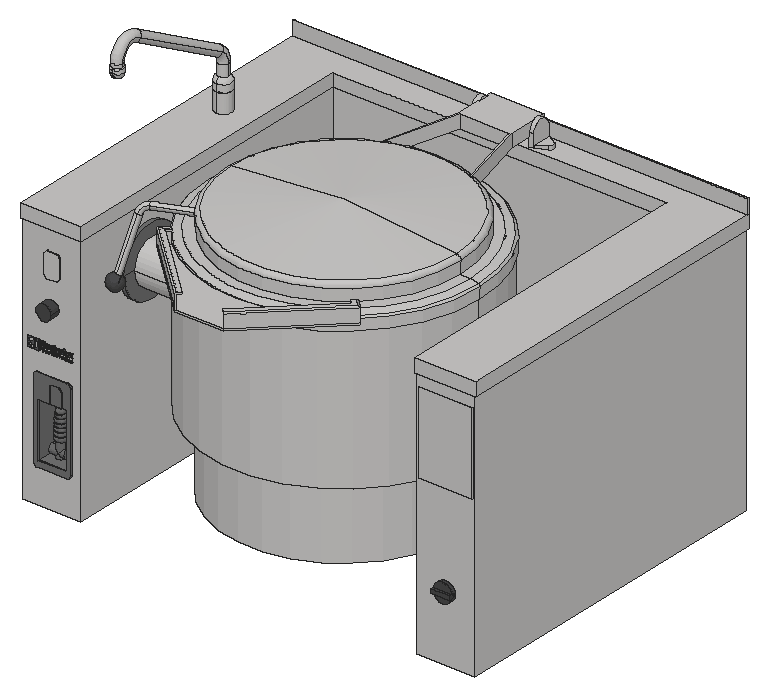
Revit family "QF_ELECTROLUXPROFESSIONAL_586941_PBOT10RLES", category Specialty Equipment, Revit 2018
Family settings
  Round Connector Dimension = Use Radius
  Part Type = Normal
  Work Plane-Based = No
  Always vertical = Yes
  Cut with Voids When Loaded = No
  Shared = Yes
  Room Calculation Point = No
Parameters (values of type "Standard")
  Weight = 210.00 kg
  Watts = 0 W
  Volts = 400 V
  URL Manufacturer = "http://professional.electrolux.com"
  URL = "http://professional.electrolux.com"
  Tilt Clearance [instance] = 1124 mm
  Steam Supply Size = 0"
  Steam Supply Minimum Pressure = 0.00 psi
  Steam Supply Maximum Pressure = 0.00 psi
  Steam Pounds per Hour = 0
  Show Logo [instance] = yes
  Refrigeration Suction Line Size = 0"
  Refrigeration Liquid Line Size = 0"
  Refrigerant Compressor Remote = yes
  Plinth Base Finish [instance] = QF_Finishes_Concrete
  Plinth Base [instance] = not(Base Height = 500 mm)  # yes
  Phase = 3
  Length Actual = 1200 mm  # constant formula
  Item Number = "586941"
  Hot Water Size = 1/2"
  Height Actual = 700 mm  # constant formula
  HP = "24.9 HP"
  Gas Size = 0"
  Gas KW = 0
  Gas Input Pressure = 0.0 Btu/h
  Direct Waste Size = 0"
  Depth Actual = 900 mm  # constant formula
  Cycle = 50 Hz
  Condensate Return Size = 0"
  Compressed Air Volume = 0 GPM
  Compressed Air Size = 0"
  Compressed Air Pressure = 0.00 psi
  Cold Water Size = 1/2"
  Assembly Code = ""
  Open Clearance [instance] = 856 mm
  Model = "PBOT10RLES"
  Manufacturer = "Electrolux Professional"
  Description = "EL. BOILING PAN,PREARR.FOR STIRRER,TILT,AUTO H/C WATER FILL INLET,SPRAY GUN,100L,H700,BS,FS,D900,REAR CLS KIT,GUID.COOK."
  Bracket [instance] = Base Height = 500 mm  # no
  Body Finish [instance] = QF_Finishes_Stainless Steel
  Base Height = 200 mm
  Show Clearance [instance] = yes
  Accessory = yes
Reference planes
  plane 1 "BACK": y = 100
  plane 2: z = 0
  plane 3 "LEFT": x = 0
  plane 4 "RIGHT": x = 1200
  plane 5 "FRONT": y = -800
  plane 6 "TOP": z = 900
  plane 7: z = 200
  plane 8 "Center": x = 600
  plane 9: z = 1756
  plane 10: y = -960
  plane 11 "Vessel X axis": y = -483
  plane 12: x = 280
  plane 13: y = -580
  plane 14: x = 280
  plane 15: through (0, 114.006, 947.95) normal (0, 0.281, -0.9597)
  plane 16: z = 505
  plane 17 "Top Level": z = 981
  plane 18: y = -1024
Forms (mm)
  Extrusion 1, solid, material "QF_Finishes_Stainless Steel" <- "Body Finish"
    sketch origin (0, 0, 900) x (-1, 0, 0) y (0, -1, 0)
      loop
        line (0, -100) -> (0, 800) -> (-160, 800) -> (-160, -31.55) -> (-1040, -31.55) -> (-1040, 800) -> (-1200, 800) -> (-1200, -100) -> (0, -100)
    from -35 to 0
  Extrusion 2, solid, material "QF_Finishes_Stainless Steel" <- "Body Finish"
    sketch origin (0, 0, 900) x (-1, 0, 0) y (0, -1, 0)
      loop
        line (-535, 960) -> (-665, 960) -> (-868.236, 765.434) -> (-847.007, 744.205)
        arc (-847.007, 744.205) -> (-600, 842.5) -> (-352.993, 744.205) r 359.5
        line (-352.993, 744.205) -> (-331.764, 765.434) -> (-535, 960)
    from 1.223 to 5.898
  Revolve 3, solid, material "QF_Finishes_Stainless Steel" <- "Body Finish"
    sketch origin (0, 50.89, 727.5) x (-1, 0, 0) y (0, -1, 0)
      loop
        line (-170, 573.89) -> (-170, 540.89) -> (-157, 540.89) -> (-157, 630.89) -> (-1043, 630.89) -> (-1043, 540.89) -> (-1030, 540.89) -> (-1030, 573.89) -> (-170, 573.89)
      axis (-1043, 630.89) -> (-157, 630.89)
    angle from 0 to 360
  Extrusion 4, solid, material "QF_Finishes_Stainless Steel" <- "Body Finish"
    sketch origin (0, 100, 0) x (1, 0, 0) y (0, 0, 1)
      loop
        circle (1120, 450) r 10
    from 3 to 0
  Extrusion 5, solid, material "QF_Finishes_Stainless Steel" <- "Body Finish"
    sketch origin (600, 0, 0) x (0, 1, 0) y (0, 0, 1)
      loop
        line (89, 900) -> (89, 935.1)
        arc (89, 935.1) -> (65, 959.1) -> (41, 935.1) r 24
        line (41, 935.1) -> (41, 900) -> (89, 900)
    from 69.2 to 82.1
  Revolve 6, solid, material "QF_Finishes_Stainless Steel" <- "Body Finish"
    sketch origin (0, -483, 0) x (-1, 0, 0) y (0, 0, 1)
      loop
        line (-600, 981) -> (-600, 912.336) -> (-291.999, 912.336) -> (-291.999, 943.013)
        arc (-291.999, 943.013) -> (-295.325, 951.663) -> (-303.589, 955.857) r 12.912
        arc (-303.589, 955.857) -> (-451.457, 972.404) -> (-600, 981) r 2774.321
      axis (-600, 981) -> (-600, 912.336)
    angle from 0 to 360
  Sweep 7, solid, material "QF_Finishes_Stainless Steel" <- "Body Finish"
    path in 3D
      loop
        line (665, -960, 905.898) -> (868.236, -765.434, 905.898) -> (847.007, -744.205, 905.898)
    profile origin (766.618, -862.717, 905.898) x (-0.691532, 0.722346, 0) y (0, 0, 1)
      loop
        line (0, 0) -> (2.5, 0) -> (2.5, 35.781)
        arc (2.5, 35.781) -> (3.003, 36.997) -> (4.219, 37.5) r 1.719
        line (4.219, 37.5) -> (15.312, 37.5) -> (15.312, 40) -> (4.052, 40)
        arc (4.052, 40) -> (1.187, 38.813) -> (0, 35.948) r 4.052
        line (0, 35.948) -> (0, 0)
  Extrusion 8, solid, material "QF_Finishes_Stainless Steel" <- "Body Finish"
    sketch origin (0, 100, 0) x (1, 0, 0) y (0, 0, 1)
      loop
        line (157, 865) -> (157, 500) -> (1043, 500) -> (1043, 865) -> (157, 865)
    from 3 to 65.418
  Extrusion 9, solid, material "QF_Finishes_Stainless Steel" <- "Body Finish"
    sketch origin (600, 0, 0) x (0, 1, 0) y (0, 0, 1)
      loop
        line (89, 900) -> (89, 935.1)
        arc (89, 935.1) -> (65, 959.1) -> (41, 935.1) r 24
        line (41, 935.1) -> (41, 900) -> (89, 900)
    from -82.1 to -69.2
  Extrusion 10, solid, material "QF_Finishes_Stainless Steel" <- "Body Finish"
    sketch origin (600, -4572, 981) x (0, -1, 0) y (-1, 0, 0)
      loop
        line (-4551, 64.871) -> (-4315.558, 127.227) -> (-4309.255, 132.754) -> (-4555.565, 69.2) -> (-4661, 69.2) -> (-4661, -69.2) -> (-4555.565, -69.2) -> (-4309.255, -132.754) -> (-4315.558, -127.227) -> (-4551, -64.871) -> (-4551, 64.871)
    from 25.143 to 59.002
  Sweep 11, solid, material "QF_Finishes_Stainless Steel" <- "Body Finish"
    path in 3D
      loop
        line (352.993, -744.205, 905.898) -> (331.764, -765.434, 905.898) -> (535, -960, 905.898)
    profile origin (433.382, -862.717, 905.898) x (0.691532, 0.722346, 0) y (0, 0, 1)
      loop
        line (0, 0) -> (2.5, 0) -> (2.5, 35.781)
        arc (2.5, 35.781) -> (3.003, 36.997) -> (4.219, 37.5) r 1.719
        line (4.219, 37.5) -> (15.313, 37.5) -> (15.313, 40) -> (4.052, 40)
        arc (4.052, 40) -> (1.187, 38.813) -> (0, 35.948) r 4.052
        line (0, 35.948) -> (0, 0)
  Extrusion 12, solid, material "QF_Finishes_Stainless Steel" <- "Body Finish"
    sketch origin (0, 0, 900) x (-1, 0, 0) y (0, -1, 0)
      loop
        arc (-708.472, -55.346) -> (-714.2, -65) -> (-708.472, -74.654) r 11
        line (-708.472, -74.654) -> (-682.1, -89.055) -> (-682.1, -40.945) -> (-708.472, -55.346)
      loop
        line (-491.528, -55.346) -> (-517.9, -40.945) -> (-517.9, -89.055) -> (-491.528, -74.654)
        arc (-491.528, -74.654) -> (-485.8, -65) -> (-491.528, -55.346) r 11
    from 0 to 8
  Revolve 13, solid, material "QF_Finishes_Stainless Steel" <- "Body Finish"
    sketch origin (0, -483, 0) x (-1, 0, 0) y (0, 0, 1)
      loop
        line (-600, 910.898) -> (-600, 280.154)
        arc (-600, 280.154) -> (-445.668, 285.184) -> (-291.5, 293.903) r 6458.267
        line (-291.5, 293.903) -> (-291.5, 495) -> (-245.5, 495) -> (-245.5, 870.866) -> (-240.5, 870.866) -> (-240.5, 899.23) -> (-244.882, 905.093) -> (-265.728, 910.898) -> (-600, 910.898)
      axis (-600, 910.898) -> (-600, 280.154)
    angle from 0 to 360
  Extrusion 14, solid, material "QF_Finishes_Stainless Steel" <- "Body Finish"
    sketch origin (1100, -797, 0) x (-1, 0, 0) y (0, 0, -1)
      loop
        line (50, -833.989) -> (50, -618.989) -> (-91.535, -618.989) -> (-91.535, -833.989) -> (50, -833.989)
      loop
        line (1029.661, -812.084) -> (1036.975, -804.77) -> (1036.975, -754.399) -> (1029.661, -747.084) -> (1004.29, -747.084) -> (996.975, -754.399) -> (996.975, -804.77) -> (1004.29, -812.084) -> (1029.661, -812.084)
    from 0 to 3
  Extrusion 15, solid, material "QF_Finishes_Black"
    sketch origin (1200, -797, -30) x (-1, 0, 0) y (0, 0, -1)
      loop
        circle (80.286, -405.28) r 25
    from 0 to 10.306
  Extrusion 16, solid, material "QF_Finishes_Black"
    sketch origin (1200, -797, -30) x (-1, 0, 0) y (0, 0, -1)
      loop
        arc (104.667, -410.806) -> (105.286, -405.28) -> (104.667, -399.753) r 25
        line (104.667, -399.753) -> (55.904, -399.753)
        arc (55.904, -399.753) -> (55.286, -405.28) -> (55.904, -410.806) r 25
        line (55.904, -410.806) -> (104.667, -410.806)
    from 0 to 18.276
  Extrusion 17, solid, material "QF_Finishes_Black"
    sketch origin (160, -797, 0) x (-1, 0, 0) y (0, 0, -1)
      loop
        circle (80.781, -678.5) r 20
    from 0 to 25
  Extrusion 18, solid, material "QF_Finishes_Stainless Steel" <- "Body Finish", visible <- "Bracket"
    sketch origin (0, 37, -14) x (0, 1, 0) y (0, 0, 1)
      loop
        line (60, 514) -> (-140, 514) -> (-140, 450) -> (-76.36, 386.36) -> (60, 386.36) -> (60, 514)
    from 25.741 to 134.773
  Extrusion 19, solid, material "QF_Finishes_Stainless Steel" <- "Body Finish", visible <- "Bracket"
    sketch origin (1200, 0, 0) x (0, 1, 0) y (0, 0, 1)
      loop
        line (97, 372.36) -> (97, 500) -> (-103, 500) -> (-103, 436) -> (-39.36, 372.36) -> (97, 372.36)
    from -133.886 to -23.363
  Extrusion 20, solid, material "QF_Finishes_Stainless Steel" <- "Body Finish"
    sketch origin (0, 100, 0) x (1, 0, 0) y (0, 0, 1)
      loop
        circle (50, 395) r 6.35
      loop
        circle (110.571, 395) r 6.35
    from 3 to 0
  Revolve 21, solid, material "QF_Finishes_Clearance", visible <- "Show Clearance", detail levels coarse
    sketch origin (600, 10.879, 0.726) x (0, 0.999996, 0.002845) y (0, -0.002845, 0.999996)
      loop
        line (-92.205, 1448.437) -> (-181.256, 1755.797) -> (-205.268, 1748.84) -> (-116.218, 1441.48) -> (-92.205, 1448.437)
      axis (-92.205, 1448.437) -> (-116.218, 1441.48)
    angle from 0 to 360
  Extrusion 22, solid, material "QF_Finishes_Stainless Steel" <- "Body Finish"
    sketch origin (0, 0, 0) x (1, 0, 0) y (0, 1, 0)
      loop
        line (157, 97) -> (3, 97) -> (3, -797) -> (157, -797) -> (157, 97)
      loop
        line (1197, 97) -> (1043, 97) -> (1043, -797) -> (1197, -797) -> (1197, 97)
    from 200 to 865
  Extrusion 23, solid, material "Navy Blue", visible <- "Show Logo"
    sketch origin (160, -797, 0) x (-1, 0, 0) y (0, 0, -1)
      loop
        line (101.332, -593.18) -> (109.793, -593.18) -> (109.793, -583.327)
        arc (109.793, -583.327) -> (108.679, -580.639) -> (105.991, -579.525) r 3.802
        line (105.991, -579.525) -> (101.168, -579.525) -> (101.168, -581.736) -> (105.441, -581.736)
        arc (105.441, -581.736) -> (106.845, -582.21) -> (107.442, -583.566) r 1.838
        line (107.442, -583.566) -> (107.442, -585.52) -> (101.698, -585.52) -> (101.698, -587.738) -> (107.442, -587.738) -> (107.442, -590.968) -> (101.332, -590.968) -> (101.332, -593.18)
      loop
        line (99.498, -593.18) -> (99.498, -579.525) -> (97.146, -579.525) -> (97.146, -593.18) -> (99.498, -593.18)
      loop
        line (48.417, -593.18) -> (48.417, -579.525) -> (46.064, -579.525) -> (46.064, -593.18) -> (48.417, -593.18)
      loop
        line (93.257, -583.886) -> (85.539, -583.886)
        arc (85.539, -583.886) -> (86.746, -588.126) -> (90.874, -589.672) r 4.89
        arc (90.874, -589.672) -> (94.51, -587.828) -> (95.548, -583.886) r 4.976
        arc (95.548, -583.886) -> (94.182, -580.589) -> (90.886, -579.224) r 4.662
        arc (90.886, -579.224) -> (88.32, -579.602) -> (86.169, -581.05) r 5.86
        line (86.169, -581.05) -> (87.562, -582.444)
        arc (87.562, -582.444) -> (89.391, -581.347) -> (91.516, -581.531) r 3.458
        arc (91.516, -581.531) -> (92.812, -582.394) -> (93.257, -583.886) r 2.29
      loop
        line (93.198, -585.539) -> (87.902, -585.539)
        arc (87.902, -585.539) -> (88.645, -587.103) -> (90.278, -587.679) r 2.256
        arc (90.278, -587.679) -> (92.162, -587.188) -> (93.198, -585.539) r 2.64
      loop
        line (76.371, -586.524) -> (74.894, -588)
        arc (74.894, -588) -> (76.746, -589.341) -> (78.997, -589.742) r 5.117
        arc (78.997, -589.742) -> (82.429, -588.487) -> (84.231, -585.308) r 5.293
        arc (84.231, -585.308) -> (81.194, -579.733) -> (74.977, -581.018) r 5.33
        line (74.977, -581.018) -> (76.446, -582.487)
        arc (76.446, -582.487) -> (79.616, -581.438) -> (81.887, -583.886) r 3.088
        arc (81.887, -583.886) -> (81.729, -585.821) -> (80.396, -587.234) r 2.933
        arc (80.396, -587.234) -> (78.264, -587.559) -> (76.371, -586.524) r 3.369
      loop
        line (73.45, -593.18) -> (73.45, -583.849)
        arc (73.45, -583.849) -> (73.246, -582.449) -> (72.722, -581.135) r 6.031
        arc (72.722, -581.135) -> (71.044, -579.8) -> (68.918, -579.519) r 4.018
        line (68.918, -579.519) -> (68.918, -581.723)
        arc (68.918, -581.723) -> (69.55, -581.771) -> (70.139, -582.005) r 2.118
        arc (70.139, -582.005) -> (70.895, -582.804) -> (71.098, -583.886) r 1.949
        line (71.098, -583.886) -> (71.098, -587.265) -> (68.962, -587.265) -> (68.962, -589.401) -> (71.098, -589.401) -> (71.098, -593.18) -> (73.45, -593.18)
      loop
        arc (64.65, -584.717) -> (64.482, -585.701) -> (63.997, -586.574) r 2.967
        arc (63.997, -586.574) -> (62.588, -587.297) -> (61.004, -587.265) r 3.231
        line (61.004, -587.265) -> (61.004, -589.525)
        arc (61.004, -589.525) -> (63.073, -589.33) -> (64.65, -587.977) r 3.432
        line (64.65, -587.977) -> (64.65, -589.401) -> (66.983, -589.401) -> (66.983, -579.525) -> (64.65, -579.525) -> (64.65, -584.717)
      loop
        circle (55.254, -584.461) r 5.233
      loop
        circle (55.254, -584.461) r 3.172
      loop
        arc (37.582, -583.638) -> (38.162, -582.041) -> (39.738, -581.405) r 2.088
        arc (39.738, -581.405) -> (41.313, -582.041) -> (41.894, -583.638) r 2.088
        line (41.894, -583.638) -> (41.894, -589.401) -> (44.266, -589.401) -> (44.266, -583.442)
        arc (44.266, -583.442) -> (42.916, -580.365) -> (39.738, -579.275) r 4.181
        arc (39.738, -579.275) -> (36.524, -580.398) -> (35.211, -583.539) r 4.181
        line (35.211, -583.539) -> (35.211, -589.401) -> (37.582, -589.401) -> (37.582, -583.638)
      loop
        line (33.789, -589.401) -> (30.374, -584.764) -> (34.126, -579.522) -> (31.598, -579.522) -> (29.107, -583.001) -> (26.58, -579.522) -> (24.068, -579.522) -> (27.767, -584.817) -> (24.385, -589.401) -> (26.952, -589.401) -> (29.115, -586.469) -> (31.245, -589.401) -> (33.789, -589.401)
      loop
        line (108.47, -573.865) -> (110.346, -573.865) -> (110.346, -569.143) -> (109.319, -569.143) -> (109.319, -570.769) -> (108.185, -570.769)
        arc (108.185, -570.769) -> (106.916, -572.447) -> (108.47, -573.865) r 1.561
      loop
        arc (108.23, -571.697) -> (107.841, -572.304) -> (108.23, -572.911) r 0.668
        line (108.23, -572.911) -> (109.319, -572.911) -> (109.319, -571.697) -> (108.23, -571.697)
      loop
        line (101.061, -573.865) -> (102.968, -573.865) -> (102.968, -569.143) -> (101.942, -569.143) -> (101.942, -570.769) -> (100.949, -570.769) -> (100.27, -569.143) -> (99.168, -569.143) -> (100.097, -571.134)
        arc (100.097, -571.134) -> (99.652, -571.665) -> (99.502, -572.343) r 1.458
        arc (99.502, -572.343) -> (99.971, -573.421) -> (101.061, -573.865) r 1.559
      loop
        line (101.942, -572.911) -> (101.942, -571.697) -> (100.852, -571.697)
        arc (100.852, -571.697) -> (100.464, -572.304) -> (100.852, -572.911) r 0.668
        line (100.852, -572.911) -> (101.942, -572.911)
      loop
        circle (93.139, -571.504) r 2.453
      loop
        circle (93.139, -571.504) r 1.557
      loop
        line (86.655, -573.865) -> (86.655, -569.143) -> (85.654, -569.143) -> (85.654, -570.793) -> (83.876, -570.793) -> (83.876, -571.851) -> (85.654, -571.851) -> (85.654, -572.847) -> (83.706, -572.847) -> (83.706, -573.865) -> (86.655, -573.865)
      loop
        line (79.724, -573.865) -> (79.724, -570.677)
        arc (79.724, -570.677) -> (79.288, -569.596) -> (78.213, -569.146) r 1.51
        line (78.213, -569.146) -> (76.689, -569.146) -> (76.689, -570.038) -> (78.122, -570.038)
        arc (78.122, -570.038) -> (78.65, -570.475) -> (78.753, -571.151) r 0.961
        line (78.753, -571.151) -> (76.866, -571.151) -> (76.866, -572.043) -> (78.753, -572.043) -> (78.753, -572.973) -> (76.735, -572.973) -> (76.735, -573.865) -> (79.724, -573.865)
      loop
        arc (62.624, -573.267) -> (63.249, -573.78) -> (64.041, -573.943) r 1.69
        arc (64.041, -573.943) -> (64.773, -573.764) -> (65.374, -573.31) r 1.872
        arc (65.374, -573.31) -> (65.486, -572.238) -> (64.794, -571.411) r 1.385
        arc (64.794, -571.411) -> (64.212, -571.217) -> (63.66, -570.95) r 4.78
        arc (63.66, -570.95) -> (63.312, -570.539) -> (63.552, -570.057) r 0.489
        arc (63.552, -570.057) -> (63.998, -569.952) -> (64.442, -570.065) r 0.963
        arc (64.442, -570.065) -> (64.826, -570.341) -> (65.061, -570.752) r 1.118
        line (65.061, -570.752) -> (65.887, -570.367)
        arc (65.887, -570.367) -> (65.589, -569.793) -> (65.11, -569.36) r 1.815
        arc (65.11, -569.36) -> (64.566, -569.127) -> (63.978, -569.068) r 1.957
        arc (63.978, -569.068) -> (63.25, -569.213) -> (62.595, -569.561) r 2.556
        arc (62.595, -569.561) -> (62.305, -570.331) -> (62.455, -571.139) r 1.535
        arc (62.455, -571.139) -> (62.778, -571.512) -> (63.19, -571.781) r 1.779
        arc (63.19, -571.781) -> (63.712, -572.014) -> (64.248, -572.215) r 9.371
        arc (64.248, -572.215) -> (64.557, -572.696) -> (64.11, -573.053) r 0.427
        arc (64.11, -573.053) -> (63.575, -572.924) -> (63.163, -572.558) r 1.135
        line (63.163, -572.558) -> (62.624, -573.267)
      loop
        line (58.291, -573.865) -> (58.291, -569.146) -> (57.321, -569.146) -> (57.321, -573.865) -> (58.291, -573.865)
      loop
        circle (50.779, -571.506) r 1.468
      loop
        circle (50.779, -571.506) r 2.451
      loop
        line (44.27, -569.146) -> (43.289, -569.146) -> (43.289, -572.113) -> (41.131, -569.146) -> (40.187, -569.146) -> (40.187, -573.865) -> (41.168, -573.865) -> (41.168, -570.808) -> (43.326, -573.865) -> (44.27, -573.865) -> (44.27, -569.146)
      loop
        line (35.295, -569.146) -> (34.836, -570.164) -> (33.09, -570.164) -> (32.631, -569.146) -> (31.588, -569.146) -> (33.581, -573.865) -> (34.491, -573.865) -> (36.337, -569.146) -> (35.295, -569.146)
      loop
        line (33.526, -571.132) -> (33.993, -572.169) -> (34.447, -571.132) -> (33.526, -571.132)
      loop
        line (26.769, -570.038) -> (26.769, -573.865) -> (27.739, -573.865) -> (27.739, -569.146) -> (24.954, -569.146) -> (24.954, -570.038) -> (26.769, -570.038)
      loop
        arc (69.698, -573.267) -> (70.324, -573.78) -> (71.116, -573.943) r 1.69
        arc (71.116, -573.943) -> (71.847, -573.764) -> (72.449, -573.31) r 1.872
        arc (72.449, -573.31) -> (72.56, -572.238) -> (71.868, -571.411) r 1.385
        arc (71.868, -571.411) -> (71.287, -571.217) -> (70.735, -570.95) r 4.78
        arc (70.735, -570.95) -> (70.386, -570.539) -> (70.627, -570.057) r 0.489
        arc (70.627, -570.057) -> (71.073, -569.952) -> (71.517, -570.065) r 0.963
        arc (71.517, -570.065) -> (71.901, -570.341) -> (72.136, -570.752) r 1.118
        line (72.136, -570.752) -> (72.961, -570.367)
        arc (72.961, -570.367) -> (72.664, -569.793) -> (72.184, -569.36) r 1.815
        arc (72.184, -569.36) -> (71.64, -569.127) -> (71.052, -569.068) r 1.957
        arc (71.052, -569.068) -> (70.325, -569.213) -> (69.669, -569.561) r 2.556
        arc (69.669, -569.561) -> (69.38, -570.331) -> (69.529, -571.139) r 1.535
        arc (69.529, -571.139) -> (69.852, -571.512) -> (70.265, -571.781) r 1.779
        arc (70.265, -571.781) -> (70.787, -572.014) -> (71.322, -572.215) r 9.371
        arc (71.322, -572.215) -> (71.632, -572.696) -> (71.185, -573.053) r 0.427
        arc (71.185, -573.053) -> (70.649, -572.924) -> (70.238, -572.558) r 1.135
        line (70.238, -572.558) -> (69.698, -573.267)
      loop
        line (124.467, -593.367) -> (124.467, -568.534)
        arc (124.467, -568.534) -> (115.287, -580.95) -> (124.467, -593.367) r 12.987
      loop
        arc (125.423, -593.446) -> (135.891, -591.227) -> (141.022, -581.837) r 12.809
        line (141.022, -581.837) -> (135.422, -581.837)
        arc (135.422, -581.837) -> (128.84, -585.012) -> (125.423, -591.472) r 11.707
        line (125.423, -591.472) -> (125.423, -593.446)
      loop
        arc (125.73, -570.332) -> (129.585, -577.251) -> (136.925, -580.23) r 11.93
        line (136.925, -580.23) -> (141.033, -580.23)
        arc (141.033, -580.23) -> (136.066, -570.804) -> (125.73, -568.215) r 13.06
        line (125.73, -568.215) -> (125.73, -570.332)
      loop
        line (141.976, -594.722) -> (141.976, -567.122) -> (114.339, -567.122) -> (114.339, -594.722) -> (141.976, -594.722)
    from 0 to 0.697
  Extrusion 24, void
    sketch origin (0, -800, 0) x (1, 0, 0) y (0, 0, 1)
      loop
        line (125.4, 500.944) -> (43.4, 500.944) -> (43.4, 305.944) -> (125.4, 305.944) -> (125.4, 500.944)
    from 0 to -63
  Extrusion 25, solid, material "QF_Finishes_Stainless Steel"
    sketch origin (600, 0, 0) x (0, 1, 0) y (0, 0, 1)
      loop
        line (98, 937.998) -> (98, 900) -> (100, 900) -> (100, 937.998) -> (98, 937.998)
    from 600 to -600
Cuts and joins
  joined: Revolve 6, Extrusion 10
  Extrusion 24 cuts Extrusion 22
Lines and regions (mm)
  Split face 1
    outline origin (1100, -800, 0) x (-1, 0, 0) y (0, 0, -1)
      loop
        line (44.321, -826.533) -> (44.321, -691.533) -> (-84.715, -691.533) -> (-84.715, -826.533) -> (44.321, -826.533)
  Split face 2
    outline origin (1100, -800, 0) x (-1, 0, 0) y (0, 0, -1)
      loop
        line (44.321, -691.533) -> (44.321, -625.535) -> (-84.715, -625.535) -> (-84.715, -691.533) -> (44.321, -691.533)
  Split face 3
    outline origin (1100, -800, 0) x (-1, 0, 0) y (0, 0, -1)
      loop
        line (35.153, -818.972) -> (35.153, -698.972) -> (-73.882, -698.972) -> (-73.882, -818.972) -> (35.153, -818.972)
  Split face 4
    outline origin (1100, -800, 0) x (-1, 0, 0) y (0, 0, -1)
      loop
        line (1029.036, -812.084) -> (1036.35, -804.77) -> (1036.35, -754.399) -> (1029.036, -747.084) -> (1029.036, -812.084)
  Split face 5
    outline origin (-933.951, -800, 0) x (1, 0, 0) y (0, 0, 1)
      loop
        line (1029.036, 812.084) -> (1029.036, 747.084) -> (1036.35, 754.399) -> (1036.35, 804.77) -> (1029.036, 812.084)
  sketch lines
    curve 1: line (665, -960, 905.898) -> (868.236, -765.434, 905.898)
    curve 2: line (868.236, -765.434, 905.898) -> (847.007, -744.205, 905.898)
    curve 3: line (331.764, -765.434, 905.898) -> (535, -960, 905.898)
    curve 4: line (352.993, -744.205, 905.898) -> (331.764, -765.434, 905.898)
  symbolic lines
    curve 5: line (170, -490, 0) -> (160, -490, 0)
    curve 6: line (170, -490, 0) -> (170, -670, 0)
    curve 7: line (170, -670, 0) -> (160, -670, 0)
    curve 8: line (1030, -490, 0) -> (1040, -490, 0)
    curve 9: line (1030, -490, 0) -> (1030, -670, 0)
    curve 10: line (1030, -670, 0) -> (1040, -670, 0)
    curve 11: line (1030, -523.539, 0) -> (957.207, -523.539, 0)
    curve 12: line (1030, -636.461, 0) -> (925.1, -636.461, 0)
    curve 13: line (170, -523.539, 0) -> (242.793, -523.539, 0)
    curve 14: line (170, -636.461, 0) -> (274.9, -636.461, 0)
    curve 15: line (160, -800, 0) -> (160, 31.55, 0)
    curve 16: line (0, -800, 0) -> (160, -800, 0)
    curve 17: line (0, 100, 0) -> (0, -800, 0)
    curve 18: line (160, 31.55, 0) -> (530.8, 31.55, 0)
    curve 19: line (1200, 100, 0) -> (0, 100, 0)
    curve 20: line (1040, 31.55, 0) -> (1040, -800, 0)
    curve 21: line (1200, -800, 0) -> (1200, 100, 0)
    curve 22: line (1040, -800, 0) -> (1200, -800, 0)
    curve 23: circle (600, -483, 0) r 359.5 normal (0, 0, 1)
    curve 24: line (669.2, 31.55, 0) -> (1040, 31.55, 0)
    curve 25: line (545.589, -948.939, 0) -> (353.658, -765.195, 0)
    curve 26: line (353.658, -765.195, 0) -> (364.355, -754.499, 0)
    curve 27: line (535, -960, 0) -> (545.589, -948.939, 0)
    curve 28: line (665, -960, 0) -> (654.411, -948.939, 0)
    curve 29: line (846.342, -765.195, 0) -> (654.411, -948.939, 0)
    curve 30: line (835.645, -754.499, 0) -> (846.342, -765.195, 0)
    curve 39: line (1200, 98, 0) -> (0, 98, 0)
  model lines, style "QF-Clearances", visible <- "Show Clearance", detail levels coarse
    curve 31: arc (600, -960, 954.089) -> (600, -1008.605, 614.371) -> (600, -800, 341.874) r 443
  symbolic lines, style "QF-Clearances", visible <- "Show Clearance", detail levels coarse
    curve 32: line (350, -450, 0) -> (850, -450, 0)
    curve 33: line (350, -1650, 0) -> (350, -450, 0)
    curve 34: line (850, -1650, 0) -> (350, -1650, 0)
    curve 35: line (850, -450, 0) -> (850, -1650, 0)
    curve 36: line (650, -1650, 0) -> (850, -1050, 0)
    curve 37: line (550, -1650, 0) -> (350, -1050, 0)
    curve 38: circle (600, -1600, 0) r 25 normal (0, 0, 1)
Dimensions and locks
  plane 3 "LEFT" to plane 4 "RIGHT" = 1200 mm
  plane 4 "RIGHT" to plane 3 "LEFT" = 1200 mm
  plane 1 "BACK" to plane 5 "FRONT" = 900 mm
  plane 5 "FRONT" to plane 1 "BACK" = 900 mm
  "Base Height": plane 7 to level
  equal spacing: plane 3 "LEFT", plane 8 "Center", plane 4 "RIGHT"
  "Open Clearance": plane 9 to plane 6 "TOP"
  locked: Extrusion 8 sketch curve to Extrusion 8 sketch curve at 365
  plane 4 "RIGHT" to Extrusion 4 sketch curve = 80 mm
  plane 6 "TOP" to Extrusion 4 sketch curve = 450 mm
  locked: Extrusion 2 sketch curve to Extrusion 2 sketch curve at 30.022  (x2)
  equal spacing: Extrusion 10 sketch curve, plane 8 "Center", Extrusion 10 sketch curve
  locked: Extrusion 10 sketch curve to Extrusion 10 sketch curve at 138.4
  Extrusion 10 sketch curve to Extrusion 10 sketch curve to plane 1 "BACK" = 110 mm locked, 11 mm locked
  plane 11 "Vessel X axis" to Revolve 3 sketch curve = 97 mm
  Revolve 3 sketch curve to Revolve 3 sketch curve to Revolve 3 sketch curve to Revolve 3 sketch curve = 33 mm locked, 57 mm locked, 0 mm locked
  plane 11 "Vessel X axis" to plane 13 = 97 mm
  equal spacing: curve 5, plane 13, curve 7
  locked: curve 5 to curve 7 at 180
  equal spacing: curve 11, plane 13, curve 12
  locked: curve 11 to curve 12 at 112.922
  plane 14 to plane 8 "Center" = 320 mm
  Revolve 13 sketch curve to Revolve 13 sketch curve to Revolve 13 sketch curve to Revolve 13 sketch curve to plane 14 = 4.382 mm locked, 0.618 mm locked, 20.228 mm locked, 14.272 mm locked
  plane 12 to plane 8 "Center" = 320 mm
  Revolve 6 sketch curve to Revolve 6 sketch curve to plane 12 = 11.59 mm locked, 11.999 mm locked
  Extrusion 16 sketch curve to Extrusion 16 sketch curve = 11.053 mm
  Extrusion 18 sketch curve to Extrusion 18 sketch curve to Extrusion 18 sketch curve = 64 mm locked, 63.64 mm locked
  Extrusion 19 sketch curve to Extrusion 19 sketch curve to Extrusion 19 sketch curve = 64 mm locked, 63.64 mm locked
  plane 6 "TOP" to Extrusion 14 sketch curve to Extrusion 14 sketch curve = 66.011 mm locked, 215 mm locked
  plane 6 "TOP" to Extrusion 14 sketch curve to Extrusion 14 sketch curve to Extrusion 14 sketch curve to Extrusion 14 sketch curve = 87.916 mm locked, 7.315 mm locked, 50.371 mm, 7.315 mm locked
  plane 6 "TOP" to level = 900 mm
  locked: level to Extrusion 18 sketch curve at 372.36
  locked: Extrusion 19 sketch curve to level at 372.36
  locked: Extrusion 15 sketch curve to level at 375.28
  locked: Extrusion 16 sketch curve to level at 369.753
  locked: Extrusion 20 sketch curve to level at 395
  Extrusion 10 sketch curve to Extrusion 10 sketch curve to plane 11 "Vessel X axis" = 6.303 mm, 220.255 mm
  Extrusion 10 sketch curve to Extrusion 10 sketch curve to plane 11 "Vessel X axis" = 6.303 mm locked, 220.255 mm locked
  Revolve 21 sketch curve to Revolve 21 sketch curve = 320 mm
  locked: Extrusion 1 to Revolve 21 sketch curve at 23.726
  plane 11 "Vessel X axis" to plane 1 "BACK" = 583 mm
  plane 10 to plane 1 "BACK" = 1060 mm
  plane 16 to Revolve 13 sketch curve to Revolve 13 sketch curve to Revolve 13 sketch curve = 10 mm locked, 201.097 mm locked, 13.748 mm locked
  plane 17 "Top Level" to Revolve 6 sketch curve to Revolve 6 sketch curve to Revolve 6 sketch curve = 25.143 mm locked, 12.844 mm locked, 30.677 mm locked
  plane 17 "Top Level" to Revolve 13 sketch curve to Revolve 13 sketch curve to Revolve 13 sketch curve to Revolve 13 sketch curve = 70.102 mm locked, 5.805 mm locked, 5.863 mm locked, 28.364 mm locked
  plane 6 "TOP" to plane 16 = 395 mm
  plane 17 "Top Level" to nested 1 = 45.299 mm
  plane 17 "Top Level" to Extrusion 2 to Extrusion 2 = 75.102 mm locked, 4.675 mm locked
  plane 17 "Top Level" to plane 6 "TOP" = 81 mm
  locked: Extrusion 5 sketch curve to plane 17 "Top Level" at 45.9
  locked: Extrusion 9 sketch curve to plane 17 "Top Level" at 45.9
  plane 11 "Vessel X axis" to nested 1 = 320 mm
  "Tilt Clearance": plane 18 to plane 1 "BACK"
  locked: curve 31 to plane 17 "Top Level" at 26.911
  locked: curve 32 to plane 1 "BACK" at 550
  locked: plane 1 "BACK" to curve 34 at 1750
  equal spacing: curve 33, plane 8 "Center", curve 35
  locked: curve 33 to curve 35 at 500
  angle plane 9 to Revolve 21 sketch curve = 16.3208°
  aligned and locked: level to plane 2
  aligned and locked: Extrusion 8 to Extrusion 1
  aligned and locked: plane 10 to Extrusion 2 sketch curve
  aligned and locked: plane 8 "Center" to Revolve 6 sketch curve  (x2)
  aligned and locked: Revolve 3 sketch curve to Revolve 3 sketch curve
  aligned and locked: Revolve 3 to Revolve 3  (x2)
  aligned and locked: curve 15 to Extrusion 1
  aligned and locked: curve 6 to Revolve 3
  aligned and locked: curve 20 to Extrusion 1
  aligned and locked: curve 9 to Revolve 3
  aligned and locked: curve 12 to curve 14
  aligned and locked: curve 11 to curve 13
  aligned and locked: curve 5 to curve 8
  aligned and locked: curve 7 to curve 10
  aligned and locked: curve 23 to Revolve 13
  aligned and locked: Extrusion 2 sketch curve to Revolve 13
  aligned and locked: curve 25 to Sweep 11
  aligned and locked: curve 26 to Sweep 11
  aligned and locked: curve 27 to Sweep 11
  aligned and locked: curve 28 to Sweep 7
  aligned and locked: curve 29 to Sweep 7
  aligned and locked: curve 30 to Sweep 7
  aligned and locked: plane 17 "Top Level" to Revolve 6 sketch curve
  aligned and locked: plane 5 "FRONT" to curve 31
  aligned and locked: plane 10 to curve 31
Automatic sketch dimensions
  curve 31 to plane 13 = 0 mm
  curve 31 to plane 6 "TOP" = 173.615 mm
  plane 8 "Center" to Extrusion 2 sketch curve = 65 mm
  Extrusion 2 sketch curve to plane 5 "FRONT" = 55.795 mm  (x2)
  Extrusion 2 sketch curve to plane 5 "FRONT" = 34.566 mm  (x2)
  Extrusion 2 sketch curve to plane 8 "Center" = 65 mm
  Extrusion 5 sketch curve to plane 6 "TOP" = 0 mm
  plane 1 "BACK" to Extrusion 5 sketch curve = 59 mm
  Extrusion 5 sketch curve to Extrusion 5 sketch curve = 24 mm
  Extrusion 9 sketch curve to plane 6 "TOP" = 0 mm
  plane 1 "BACK" to Extrusion 9 sketch curve = 59 mm
  Extrusion 9 sketch curve to Extrusion 9 sketch curve = 24 mm
  Extrusion 10 sketch curve to Extrusion 10 sketch curve = 4.565 mm  (x2)
  Extrusion 10 sketch curve to plane 8 "Center" = 127.227 mm
  Extrusion 10 sketch curve to Extrusion 10 sketch curve = 5.527 mm  (x2)
  Extrusion 10 sketch curve to Extrusion 10 sketch curve = 4.329 mm  (x2)
  plane 8 "Center" to Extrusion 10 sketch curve = 127.227 mm
  plane 1 "BACK" to Extrusion 12 sketch curve = 44.654 mm  (x2)
  plane 8 "Center" to Extrusion 12 sketch curve = 108.472 mm
  plane 1 "BACK" to Extrusion 12 sketch curve = 25.346 mm  (x2)
  Extrusion 12 sketch curve to Extrusion 12 sketch curve = 0 mm
  Extrusion 12 sketch curve to Extrusion 12 sketch curve = 5.272 mm  (x3)
  Extrusion 12 sketch curve to Extrusion 12 sketch curve = 26.372 mm
  plane 1 "BACK" to Extrusion 12 sketch curve = 10.945 mm  (x2)
  Extrusion 12 sketch curve to plane 8 "Center" = 82.1 mm
  Extrusion 12 sketch curve to Extrusion 12 sketch curve = 21.1 mm
  Extrusion 12 sketch curve to Extrusion 12 sketch curve = 14.4 mm  (x2)
  Revolve 13 sketch curve to plane 8 "Center" = 0 mm  (x2)
  plane 8 "Center" to Revolve 13 sketch curve = 133.193 mm
  Revolve 13 sketch curve to Revolve 13 sketch curve = 46 mm
  Revolve 13 sketch curve to Revolve 13 sketch curve = 10.857 mm
  Revolve 13 sketch curve to Revolve 13 sketch curve = 35 mm
  Extrusion 15 sketch curve to plane 4 "RIGHT" = 80.286 mm
  Extrusion 16 sketch curve to Extrusion 16 sketch curve = 0 mm  (x3)
  Extrusion 16 sketch curve to plane 4 "RIGHT" = 55.904 mm
  Extrusion 16 sketch curve to Extrusion 16 sketch curve = 24.382 mm  (x2)
  plane 1 "BACK" to Extrusion 18 sketch curve = 203 mm
  Extrusion 18 sketch curve to Extrusion 18 sketch curve = 63.64 mm
  plane 1 "BACK" to Extrusion 18 sketch curve = 3 mm
  plane 1 "BACK" to Extrusion 19 sketch curve = 203 mm
  Extrusion 19 sketch curve to Extrusion 19 sketch curve = 63.64 mm
  plane 1 "BACK" to Extrusion 19 sketch curve = 3 mm
  Extrusion 25 sketch curve to plane 6 "TOP" = 0 mm
  Extrusion 25 sketch curve to plane 1 "BACK" = 0 mm
  Extrusion 25 sketch curve to Extrusion 25 sketch curve = 2 mm
  Extrusion 25 sketch curve to Extrusion 25 sketch curve = 37.998 mm
  curve 39 to plane 3 "LEFT" = 0 mm
  plane 10 to curve 27 = 0 mm
  curve 38 to plane 8 "Center" = 0 mm
  plane 10 to curve 28 = 0 mm
  curve 22 to plane 4 "RIGHT" = 0 mm
  plane 5 "FRONT" to curve 20 = 0 mm
  plane 5 "FRONT" to curve 17 = 0 mm
  plane 1 "BACK" to curve 19 = 0 mm
  curve 36 to curve 38 = 50 mm
  plane 1 "BACK" to curve 15 = 68.45 mm
  plane 1 "BACK" to curve 20 = 68.45 mm
  curve 18 to plane 8 "Center" = 69.2 mm
  curve 37 to plane 8 "Center" = 50 mm
  plane 8 "Center" to curve 36 = 50 mm
  plane 8 "Center" to curve 24 = 69.2 mm
  plane 18 to curve 37 = 26 mm
  plane 18 to curve 36 = 26 mm
  curve 39 to curve 17 = 2 mm
  Extrusion 1 sketch curve to plane 4 "RIGHT" = 0 mm
  plane 5 "FRONT" to Extrusion 1 sketch curve = 0 mm  (x2)
  Extrusion 1 sketch curve to plane 3 "LEFT" = 0 mm
  plane 1 "BACK" to Extrusion 1 sketch curve = 0 mm
  Extrusion 1 sketch curve to plane 4 "RIGHT" = 160 mm
  plane 1 "BACK" to Extrusion 1 sketch curve = 68.45 mm
  plane 3 "LEFT" to Extrusion 1 sketch curve = 160 mm
  Revolve 3 sketch curve to plane 4 "RIGHT" = 157 mm
  Revolve 3 sketch curve to Revolve 3 sketch curve = 13 mm  (x2)
  plane 3 "LEFT" to Revolve 3 sketch curve = 170 mm
  Revolve 3 sketch curve to Revolve 3 sketch curve = 3 mm
  Revolve 3 sketch curve to Revolve 3 sketch curve = 27 mm
  plane 8 "Center" to Revolve 6 sketch curve = 85.945 mm
  plane 7 to Revolve 6 sketch curve = 208.515 mm
  Revolve 6 sketch curve to plane 6 "TOP" = 21.485 mm
  Sweep 7 sketch curve to profile plane = 0 mm
  profile plane to Sweep 7 sketch curve = 0 mm
  Sweep 7 sketch curve to profile plane = 2.5 mm
  Sweep 7 sketch curve to profile plane = 4.052 mm
  Sweep 7 sketch curve to Sweep 7 sketch curve = 0.167 mm  (x2)
  Sweep 7 sketch curve to Sweep 7 sketch curve = 11.093 mm
  profile plane to Sweep 7 sketch curve = 35.781 mm
  plane 3 "LEFT" to Extrusion 8 sketch curve = 157 mm
  Extrusion 8 sketch curve to plane 4 "RIGHT" = 157 mm
  plane 7 to Extrusion 8 sketch curve = 300 mm
  Sweep 11 sketch curve to profile plane = 0 mm  (x2)
  Sweep 11 sketch curve to Sweep 11 sketch curve = 2.5 mm
  Sweep 11 sketch curve to profile plane = 4.052 mm
  Sweep 11 sketch curve to Sweep 11 sketch curve = 0.167 mm  (x2)
  Sweep 11 sketch curve to Sweep 11 sketch curve = 11.093 mm
  profile plane to Sweep 11 sketch curve = 35.781 mm
  Extrusion 14 sketch curve to plane 4 "RIGHT" = 8.465 mm
  Extrusion 14 sketch curve to Extrusion 14 sketch curve = 141.535 mm
  plane 3 "LEFT" to Extrusion 14 sketch curve = 103.025 mm
  Extrusion 14 sketch curve to Extrusion 14 sketch curve = 7.315 mm  (x5)
  Extrusion 14 sketch curve to Extrusion 14 sketch curve = 25.371 mm  (x2)
  Split face 1 sketch curve to Extrusion 14 = 6.821 mm
  Split face 1 sketch curve to Extrusion 14 = 5.679 mm
  Split face 1 sketch curve to Extrusion 14 = 7.456 mm
  Extrusion 14 to Split face 1 sketch curve = 55.552 mm
  Split face 2 sketch curve to Extrusion 14 = 6.821 mm
  Split face 2 sketch curve to Extrusion 14 = 5.679 mm
  Extrusion 14 to Split face 2 sketch curve = 55.552 mm
  Split face 2 sketch curve to Extrusion 14 = 6.547 mm
  Extrusion 14 to Split face 3 sketch curve = 6.887 mm
  Split face 3 sketch curve to Extrusion 14 = 17.653 mm
  Split face 3 sketch curve to Extrusion 14 = 14.847 mm
  Extrusion 14 to Split face 3 sketch curve = 48.113 mm
  Split face 4 sketch curve to Extrusion 14 = 0 mm  (x2)
  Split face 4 sketch curve to Extrusion 14 = 7.94 mm
  Split face 4 sketch curve to Extrusion 14 = 0.625 mm
  Split face 4 sketch curve to Extrusion 14 = 7.315 mm  (x2)
  Split face 5 sketch curve to Extrusion 14 = 0 mm  (x2)
  Split face 5 sketch curve to Extrusion 14 = 7.94 mm
  Split face 5 sketch curve to Extrusion 14 = 0.625 mm
  Split face 5 sketch curve to Extrusion 14 = 7.315 mm  (x2)
  plane 3 "LEFT" to Extrusion 17 sketch curve = 79.219 mm
  Extrusion 17 sketch curve to plane 6 "TOP" = 221.5 mm
  plane 3 "LEFT" to Extrusion 20 sketch curve = 50 mm
  Extrusion 20 sketch curve to Extrusion 20 sketch curve = 60.571 mm
  Extrusion 20 sketch curve to Extrusion 20 sketch curve = 0 mm
  Revolve 21 sketch curve to plane 9 = 0 mm
  Revolve 21 sketch curve to Revolve 21 sketch curve = 24.012 mm
  Revolve 21 sketch curve to Revolve 21 sketch curve = 0 mm  (x4)
  plane 3 "LEFT" to Extrusion 22 sketch curve = 3 mm
  plane 1 "BACK" to Extrusion 22 sketch curve = 3 mm  (x2)
  Extrusion 22 sketch curve to Extrusion 22 sketch curve = 154 mm
  Extrusion 22 sketch curve to plane 4 "RIGHT" = 157 mm
  Extrusion 22 sketch curve to plane 4 "RIGHT" = 3 mm
  Extrusion 22 sketch curve to plane 5 "FRONT" = 3 mm  (x2)
  Extrusion 23 sketch curve to Extrusion 23 sketch curve = 0 mm  (x33)
  plane 3 "LEFT" to Extrusion 23 sketch curve = 135.932 mm
  Extrusion 23 sketch curve to Extrusion 23 sketch curve = 0.317 mm
  Extrusion 23 sketch curve to Extrusion 23 sketch curve = 0.886 mm
  Extrusion 23 sketch curve to Extrusion 23 sketch curve = 2.512 mm
  Extrusion 23 sketch curve to Extrusion 23 sketch curve = 1.815 mm
  Extrusion 23 sketch curve to Extrusion 23 sketch curve = 2.567 mm
  Extrusion 23 sketch curve to Extrusion 23 sketch curve = 0.97 mm  (x3)
  Extrusion 23 sketch curve to Extrusion 23 sketch curve = 0.815 mm  (x2)
  Extrusion 23 sketch curve to Extrusion 23 sketch curve = 1.341 mm
  Extrusion 23 sketch curve to Extrusion 23 sketch curve = 1.348 mm
  Extrusion 23 sketch curve to Extrusion 23 sketch curve = 1.259 mm
  Extrusion 23 sketch curve to Extrusion 23 sketch curve = 2.13 mm
  Extrusion 23 sketch curve to Extrusion 23 sketch curve = 3.849 mm
  Extrusion 23 sketch curve to Extrusion 23 sketch curve = 2.49 mm
  Extrusion 23 sketch curve to Extrusion 23 sketch curve = 1.043 mm
  Extrusion 23 sketch curve to Extrusion 23 sketch curve = 0.46 mm  (x2)
  Extrusion 23 sketch curve to Extrusion 23 sketch curve = 0.435 mm
  Extrusion 23 sketch curve to Extrusion 23 sketch curve = 0.055 mm  (x2)
  Extrusion 23 sketch curve to Extrusion 23 sketch curve = 2.544 mm
  Extrusion 23 sketch curve to Extrusion 23 sketch curve = 0.468 mm
  Extrusion 23 sketch curve to Extrusion 23 sketch curve = 2.528 mm
  Extrusion 23 sketch curve to Extrusion 23 sketch curve = 0.922 mm
  Extrusion 23 sketch curve to Extrusion 23 sketch curve = 0.91 mm
  Extrusion 23 sketch curve to Extrusion 23 sketch curve = 0.388 mm
  Extrusion 23 sketch curve to Extrusion 23 sketch curve = 1.422 mm
  Extrusion 23 sketch curve to Extrusion 23 sketch curve = 1.042 mm
  Extrusion 23 sketch curve to Extrusion 23 sketch curve = 2.371 mm
  Extrusion 23 sketch curve to Extrusion 23 sketch curve = 1.809 mm  (x2)
  Extrusion 23 sketch curve to Extrusion 23 sketch curve = 0.273 mm  (x2)
  Extrusion 23 sketch curve to Extrusion 23 sketch curve = 0.147 mm
  Extrusion 23 sketch curve to Extrusion 23 sketch curve = 5.696 mm
  Extrusion 23 sketch curve to Extrusion 23 sketch curve = 0.943 mm
  Extrusion 23 sketch curve to Extrusion 23 sketch curve = 0.037 mm  (x3)
  Extrusion 23 sketch curve to Extrusion 23 sketch curve = 2.122 mm
  Extrusion 23 sketch curve to Extrusion 23 sketch curve = 2.372 mm
  Extrusion 23 sketch curve to Extrusion 23 sketch curve = 0.944 mm
  Extrusion 23 sketch curve to Extrusion 23 sketch curve = 1.799 mm
  Extrusion 23 sketch curve to Extrusion 23 sketch curve = 2.353 mm
  Extrusion 23 sketch curve to Extrusion 23 sketch curve = 6.509 mm
  Extrusion 23 sketch curve to Extrusion 23 sketch curve = 6.836 mm
  Extrusion 23 sketch curve to Extrusion 23 sketch curve = 2.068 mm
  Extrusion 23 sketch curve to Extrusion 23 sketch curve = 5.751 mm
  Extrusion 23 sketch curve to Extrusion 23 sketch curve = 0.679 mm
  Extrusion 23 sketch curve to Extrusion 23 sketch curve = 0.728 mm
  Extrusion 23 sketch curve to Extrusion 23 sketch curve = 0.178 mm
  Extrusion 23 sketch curve to Extrusion 23 sketch curve = 4.332 mm
  Extrusion 23 sketch curve to Extrusion 23 sketch curve = 0.539 mm  (x2)
  Extrusion 23 sketch curve to Extrusion 23 sketch curve = 0.634 mm  (x2)
  Extrusion 23 sketch curve to Extrusion 23 sketch curve = 0.036 mm  (x2)
  Extrusion 23 sketch curve to Extrusion 23 sketch curve = 0.114 mm  (x2)
  Extrusion 23 sketch curve to Extrusion 23 sketch curve = 0.807 mm  (x2)
  Extrusion 23 sketch curve to Extrusion 23 sketch curve = 0.007 mm  (x2)
  Extrusion 23 sketch curve to Extrusion 23 sketch curve = 0.156 mm  (x2)
  Extrusion 23 sketch curve to Extrusion 23 sketch curve = 0.005 mm  (x2)
  Extrusion 23 sketch curve to Extrusion 23 sketch curve = 0.083 mm  (x2)
  Extrusion 23 sketch curve to Extrusion 23 sketch curve = 0.13 mm  (x3)
  Extrusion 23 sketch curve to Extrusion 23 sketch curve = 0.009 mm  (x2)
  Extrusion 23 sketch curve to Extrusion 23 sketch curve = 0.159 mm  (x2)
  Extrusion 23 sketch curve to Extrusion 23 sketch curve = 0.075 mm  (x2)
  Extrusion 23 sketch curve to Extrusion 23 sketch curve = 0.025 mm  (x2)
  Extrusion 23 sketch curve to Extrusion 23 sketch curve = 2.918 mm
  Extrusion 23 sketch curve to Extrusion 23 sketch curve = 2.789 mm
  Extrusion 23 sketch curve to Extrusion 23 sketch curve = 0.908 mm  (x2)
  Extrusion 23 sketch curve to Extrusion 23 sketch curve = 0.826 mm  (x2)
  Extrusion 23 sketch curve to Extrusion 23 sketch curve = 0.126 mm  (x2)
  Extrusion 23 sketch curve to Extrusion 23 sketch curve = 2.333 mm
  Extrusion 23 sketch curve to Extrusion 23 sketch curve = 1.257 mm  (x2)
  Extrusion 23 sketch curve to Extrusion 23 sketch curve = 2.771 mm
  Extrusion 23 sketch curve to Extrusion 23 sketch curve = 1.497 mm
  Extrusion 23 sketch curve to Extrusion 23 sketch curve = 1.979 mm
  Extrusion 23 sketch curve to Extrusion 23 sketch curve = 1.653 mm
  Extrusion 23 sketch curve to Extrusion 23 sketch curve = 0.085 mm
  Extrusion 23 sketch curve to Extrusion 23 sketch curve = 0.315 mm
  Extrusion 23 sketch curve to Extrusion 23 sketch curve = 3.811 mm
  Extrusion 23 sketch curve to Extrusion 23 sketch curve = 2.136 mm  (x2)
  Extrusion 23 sketch curve to Extrusion 23 sketch curve = 2.352 mm  (x2)
  Extrusion 23 sketch curve to Extrusion 23 sketch curve = 3.797 mm
  Extrusion 23 sketch curve to Extrusion 23 sketch curve = 1.528 mm
  Extrusion 23 sketch curve to Extrusion 23 sketch curve = 1.476 mm  (x2)
  Extrusion 23 sketch curve to Extrusion 23 sketch curve = 1.469 mm  (x2)
  Extrusion 23 sketch curve to Extrusion 23 sketch curve = 3.728 mm
  Extrusion 23 sketch curve to Extrusion 23 sketch curve = 0.046 mm
  Extrusion 23 sketch curve to Extrusion 23 sketch curve = 0.177 mm
  Extrusion 23 sketch curve to Extrusion 23 sketch curve = 0.947 mm
  Extrusion 23 sketch curve to Extrusion 23 sketch curve = 0.308 mm
  Extrusion 23 sketch curve to Extrusion 23 sketch curve = 0.091 mm
  Extrusion 23 sketch curve to Extrusion 23 sketch curve = 2.375 mm
  Extrusion 23 sketch curve to Extrusion 23 sketch curve = 0.94 mm
  Extrusion 23 sketch curve to Extrusion 23 sketch curve = 0.54 mm
  Extrusion 23 sketch curve to Extrusion 23 sketch curve = 0.102 mm
  Extrusion 23 sketch curve to Extrusion 23 sketch curve = 0.002 mm  (x4)
  Extrusion 23 sketch curve to Extrusion 23 sketch curve = 0.105 mm
  Extrusion 23 sketch curve to Extrusion 23 sketch curve = 0.097 mm
  Extrusion 23 sketch curve to Extrusion 23 sketch curve = 3.982 mm
  Extrusion 23 sketch curve to Extrusion 23 sketch curve = 0.17 mm
  Extrusion 23 sketch curve to Extrusion 23 sketch curve = 6.49 mm
  Extrusion 23 sketch curve to Extrusion 23 sketch curve = 1.777 mm
  Extrusion 23 sketch curve to Extrusion 23 sketch curve = 0.63 mm
  Extrusion 23 sketch curve to Extrusion 23 sketch curve = 1.001 mm
  Extrusion 23 sketch curve to Extrusion 23 sketch curve = 1.393 mm  (x2)
  Extrusion 23 sketch curve to Extrusion 23 sketch curve = 2.363 mm
  Extrusion 23 sketch curve to Extrusion 23 sketch curve = 2.253 mm
  Extrusion 23 sketch curve to Extrusion 23 sketch curve = 0.014 mm  (x3)
  Extrusion 23 sketch curve to Extrusion 23 sketch curve = 0.172 mm
  Extrusion 23 sketch curve to Extrusion 23 sketch curve = 0.096 mm
  Extrusion 23 sketch curve to Extrusion 23 sketch curve = 0.164 mm
  Extrusion 23 sketch curve to Extrusion 23 sketch curve = 0.298 mm
  Extrusion 23 sketch curve to Extrusion 23 sketch curve = 0.247 mm
  Extrusion 23 sketch curve to Extrusion 23 sketch curve = 0.084 mm
  Extrusion 23 sketch curve to Extrusion 23 sketch curve = 6.484 mm
  Extrusion 23 sketch curve to Extrusion 23 sketch curve = 2.596 mm
  Extrusion 23 sketch curve to Extrusion 23 sketch curve = 0.059 mm  (x2)
  Extrusion 23 sketch curve to Extrusion 23 sketch curve = 3.889 mm
  Extrusion 23 sketch curve to Extrusion 23 sketch curve = 6.029 mm
  Extrusion 23 sketch curve to Extrusion 23 sketch curve = 0.929 mm
  Extrusion 23 sketch curve to Extrusion 23 sketch curve = 1.102 mm
  Extrusion 23 sketch curve to Extrusion 23 sketch curve = 0.756 mm  (x2)
  Extrusion 23 sketch curve to Extrusion 23 sketch curve = 0.852 mm
  Extrusion 23 sketch curve to Extrusion 23 sketch curve = 0.108 mm
  Extrusion 23 sketch curve to Extrusion 23 sketch curve = 0.101 mm
  Extrusion 23 sketch curve to Extrusion 23 sketch curve = 0.072 mm
  Extrusion 23 sketch curve to Extrusion 23 sketch curve = 1.67 mm
  Extrusion 23 sketch curve to Extrusion 23 sketch curve = 1.834 mm
  Extrusion 23 sketch curve to Extrusion 23 sketch curve = 0.366 mm
  Extrusion 23 sketch curve to Extrusion 23 sketch curve = 0.993 mm
  Extrusion 23 sketch curve to Extrusion 23 sketch curve = 0.81 mm
  Extrusion 23 sketch curve to Extrusion 23 sketch curve = 1.026 mm  (x2)
  Extrusion 23 sketch curve to Extrusion 23 sketch curve = 4.272 mm
  Extrusion 23 sketch curve to Extrusion 23 sketch curve = 0.163 mm
  Extrusion 23 sketch curve to Extrusion 23 sketch curve = 0.551 mm
  Extrusion 23 sketch curve to Extrusion 23 sketch curve = 6.11 mm
  Extrusion 23 sketch curve to Extrusion 23 sketch curve = 1.451 mm
  Extrusion 23 sketch curve to Extrusion 23 sketch curve = 5.217 mm
  Extrusion 23 sketch curve to Extrusion 23 sketch curve = 0.045 mm  (x2)
  Extrusion 23 sketch curve to Extrusion 23 sketch curve = 0.241 mm
  Extrusion 23 sketch curve to Extrusion 23 sketch curve = 0.039 mm
  Extrusion 23 sketch curve to Extrusion 23 sketch curve = 1.134 mm
  Extrusion 23 sketch curve to Extrusion 23 sketch curve = 2.351 mm
  Extrusion 23 sketch curve to Extrusion 23 sketch curve = 3.993 mm
  Extrusion 23 sketch curve to Extrusion 23 sketch curve = 10.128 mm
  Extrusion 23 sketch curve to Extrusion 23 sketch curve = 0.956 mm
  Extrusion 23 sketch curve to Extrusion 23 sketch curve = 1.263 mm
  Extrusion 23 sketch curve to Extrusion 23 sketch curve = 2.577 mm
  Extrusion 23 sketch curve to Extrusion 23 sketch curve = 0.243 mm
  Extrusion 23 sketch curve to Extrusion 23 sketch curve = 0.031 mm
  Extrusion 23 sketch curve to Extrusion 23 sketch curve = 7.148 mm
  Extrusion 23 sketch curve to Extrusion 23 sketch curve = 1.502 mm
  Extrusion 23 sketch curve to Extrusion 23 sketch curve = 11.54 mm
  Extrusion 23 sketch curve to Extrusion 23 sketch curve = 11.758 mm
  Extrusion 23 sketch curve to Extrusion 23 sketch curve = 4.097 mm
  Extrusion 23 sketch curve to Extrusion 23 sketch curve = 0.011 mm
  Extrusion 23 sketch curve to Extrusion 23 sketch curve = 4.488 mm
  Extrusion 23 sketch curve to plane 6 "TOP" = 305.278 mm
  Extrusion 23 sketch curve to Extrusion 23 sketch curve = 1.276 mm
  Extrusion 23 sketch curve to Extrusion 23 sketch curve = 1.279 mm
  Extrusion 23 sketch curve to Extrusion 23 sketch curve = 0.08 mm
  Extrusion 23 sketch curve to Extrusion 23 sketch curve = 1.542 mm  (x3)
  Extrusion 23 sketch curve to Extrusion 23 sketch curve = 1.975 mm
  Extrusion 23 sketch curve to Extrusion 23 sketch curve = 2.212 mm
  Extrusion 23 sketch curve to Extrusion 23 sketch curve = 3.655 mm
  Extrusion 23 sketch curve to Extrusion 23 sketch curve = 3.779 mm
  Extrusion 23 sketch curve to Extrusion 23 sketch curve = 0.124 mm  (x2)
  Extrusion 23 sketch curve to Extrusion 23 sketch curve = 3.78 mm  (x2)
  Extrusion 23 sketch curve to Extrusion 23 sketch curve = 1.401 mm
  Extrusion 23 sketch curve to Extrusion 23 sketch curve = 1.424 mm
  Extrusion 23 sketch curve to Extrusion 23 sketch curve = 3.23 mm
  Extrusion 23 sketch curve to Extrusion 23 sketch curve = 2.137 mm
  Extrusion 23 sketch curve to Extrusion 23 sketch curve = 1.094 mm
  Extrusion 23 sketch curve to Extrusion 23 sketch curve = 2.932 mm
  Extrusion 23 sketch curve to Extrusion 23 sketch curve = 7.641 mm
  Extrusion 23 sketch curve to Extrusion 23 sketch curve = 2.218 mm
  Extrusion 23 sketch curve to Extrusion 23 sketch curve = 0.113 mm
  Extrusion 23 sketch curve to Extrusion 23 sketch curve = 0.36 mm
  Extrusion 23 sketch curve to Extrusion 23 sketch curve = 0.008 mm
  Extrusion 23 sketch curve to Extrusion 23 sketch curve = 1.652 mm
  Extrusion 23 sketch curve to Extrusion 23 sketch curve = 0.256 mm
  Extrusion 23 sketch curve to Extrusion 23 sketch curve = 1.705 mm
  Extrusion 23 sketch curve to Extrusion 23 sketch curve = 1.454 mm
  Extrusion 23 sketch curve to Extrusion 23 sketch curve = 0.095 mm
  Extrusion 23 sketch curve to Extrusion 23 sketch curve = 0.109 mm
  Extrusion 23 sketch curve to Extrusion 23 sketch curve = 1.893 mm
  Extrusion 23 sketch curve to Extrusion 23 sketch curve = 0.003 mm
  Extrusion 23 sketch curve to Extrusion 23 sketch curve = 2.803 mm
  Extrusion 23 sketch curve to Extrusion 23 sketch curve = 0.12 mm  (x3)
  Extrusion 23 sketch curve to Extrusion 23 sketch curve = 0.02 mm
  Extrusion 23 sketch curve to Extrusion 23 sketch curve = 0.188 mm
  Extrusion 23 sketch curve to Extrusion 23 sketch curve = 0.568 mm
  Extrusion 23 sketch curve to Extrusion 23 sketch curve = 0.707 mm
  Extrusion 23 sketch curve to Extrusion 23 sketch curve = 1.654 mm
  Extrusion 23 sketch curve to Extrusion 23 sketch curve = 3.379 mm
  Extrusion 23 sketch curve to Extrusion 23 sketch curve = 0.174 mm
  Extrusion 23 sketch curve to Extrusion 23 sketch curve = 0.146 mm  (x2)
  Extrusion 23 sketch curve to Extrusion 23 sketch curve = 5.763 mm
  Extrusion 23 sketch curve to Extrusion 23 sketch curve = 1.953 mm
  Extrusion 23 sketch curve to Extrusion 23 sketch curve = 0.099 mm
  Extrusion 23 sketch curve to Extrusion 23 sketch curve = 0.19 mm
  Extrusion 23 sketch curve to Extrusion 23 sketch curve = 0.196 mm
  Extrusion 23 sketch curve to Extrusion 23 sketch curve = 0.05 mm
  Extrusion 23 sketch curve to Extrusion 23 sketch curve = 0.239 mm
  Extrusion 23 sketch curve to Extrusion 23 sketch curve = 1.763 mm
  Extrusion 23 sketch curve to Extrusion 23 sketch curve = 1.754 mm
  Extrusion 23 sketch curve to Extrusion 23 sketch curve = 1.442 mm
  Extrusion 23 sketch curve to Extrusion 23 sketch curve = 0.282 mm
  Extrusion 23 sketch curve to Extrusion 23 sketch curve = 1.607 mm
  Extrusion 23 sketch curve to Extrusion 23 sketch curve = 2.197 mm
  Extrusion 23 sketch curve to Extrusion 23 sketch curve = 3.917 mm
  Extrusion 23 sketch curve to Extrusion 23 sketch curve = 3.479 mm
  Extrusion 23 sketch curve to Extrusion 23 sketch curve = 4.017 mm
  Extrusion 23 sketch curve to Extrusion 23 sketch curve = 0.006 mm
  Extrusion 23 sketch curve to Extrusion 23 sketch curve = 5.661 mm  (x3)
  Extrusion 23 sketch curve to Extrusion 23 sketch curve = 5.657 mm  (x2)
  Extrusion 23 sketch curve to Extrusion 23 sketch curve = 7.186 mm
  Extrusion 23 sketch curve to Extrusion 23 sketch curve = 0.598 mm
  Extrusion 23 sketch curve to Extrusion 23 sketch curve = 6.253 mm
  Extrusion 23 sketch curve to Extrusion 23 sketch curve = 0.891 mm
  Extrusion 23 sketch curve to Extrusion 23 sketch curve = 0.954 mm  (x2)
  Extrusion 23 sketch curve to Extrusion 23 sketch curve = 1.017 mm
  Extrusion 23 sketch curve to Extrusion 23 sketch curve = 0.624 mm  (x2)
  Extrusion 23 sketch curve to Extrusion 23 sketch curve = 0.016 mm  (x2)
  Extrusion 23 sketch curve to Extrusion 23 sketch curve = 0.709 mm  (x2)
  Extrusion 23 sketch curve to Extrusion 23 sketch curve = 0.602 mm
  Extrusion 23 sketch curve to Extrusion 23 sketch curve = 0.607 mm
  Extrusion 23 sketch curve to Extrusion 23 sketch curve = 0.372 mm  (x2)
  Extrusion 23 sketch curve to Extrusion 23 sketch curve = 1.696 mm
  Extrusion 23 sketch curve to Extrusion 23 sketch curve = 1.752 mm
  Extrusion 23 sketch curve to Extrusion 23 sketch curve = 0.182 mm  (x2)
  Extrusion 23 sketch curve to Extrusion 23 sketch curve = 0.93 mm
  Extrusion 23 sketch curve to Extrusion 23 sketch curve = 0.155 mm  (x2)
  Extrusion 23 sketch curve to Extrusion 23 sketch curve = 0.996 mm
  Extrusion 23 sketch curve to Extrusion 23 sketch curve = 0.297 mm  (x2)
  Extrusion 23 sketch curve to Extrusion 23 sketch curve = 2.359 mm
  Extrusion 23 sketch curve to Extrusion 23 sketch curve = 0.839 mm
  Extrusion 23 sketch curve to Extrusion 23 sketch curve = 0.892 mm  (x2)
  Extrusion 23 sketch curve to Extrusion 23 sketch curve = 0.563 mm
  Extrusion 23 sketch curve to Extrusion 23 sketch curve = 1.037 mm
  Extrusion 23 sketch curve to Extrusion 23 sketch curve = 0.531 mm  (x2)
  Extrusion 23 sketch curve to Extrusion 23 sketch curve = 0.068 mm  (x2)
  Extrusion 23 sketch curve to Extrusion 23 sketch curve = 0.203 mm
  Extrusion 23 sketch curve to Extrusion 23 sketch curve = 0.107 mm  (x2)
  Extrusion 23 sketch curve to Extrusion 23 sketch curve = 1.305 mm
  Extrusion 23 sketch curve to Extrusion 23 sketch curve = 1.058 mm
  Extrusion 23 sketch curve to Extrusion 23 sketch curve = 0.365 mm
  Extrusion 23 sketch curve to Extrusion 23 sketch curve = 0.15 mm  (x2)
  Extrusion 23 sketch curve to Extrusion 23 sketch curve = 0.475 mm
  Extrusion 23 sketch curve to Extrusion 23 sketch curve = 0.292 mm
  Extrusion 23 sketch curve to Extrusion 23 sketch curve = 0.434 mm  (x2)
  Extrusion 23 sketch curve to Extrusion 23 sketch curve = 0.385 mm  (x2)
  Extrusion 23 sketch curve to Extrusion 23 sketch curve = 2.117 mm
  Extrusion 23 sketch curve to Extrusion 23 sketch curve = 0.295 mm  (x2)
  Extrusion 23 sketch curve to Extrusion 23 sketch curve = 0.968 mm
  Extrusion 23 sketch curve to Extrusion 23 sketch curve = 3.826 mm
  Extrusion 23 sketch curve to Extrusion 23 sketch curve = 1.018 mm  (x2)
  Extrusion 23 sketch curve to Extrusion 23 sketch curve = 4.718 mm
